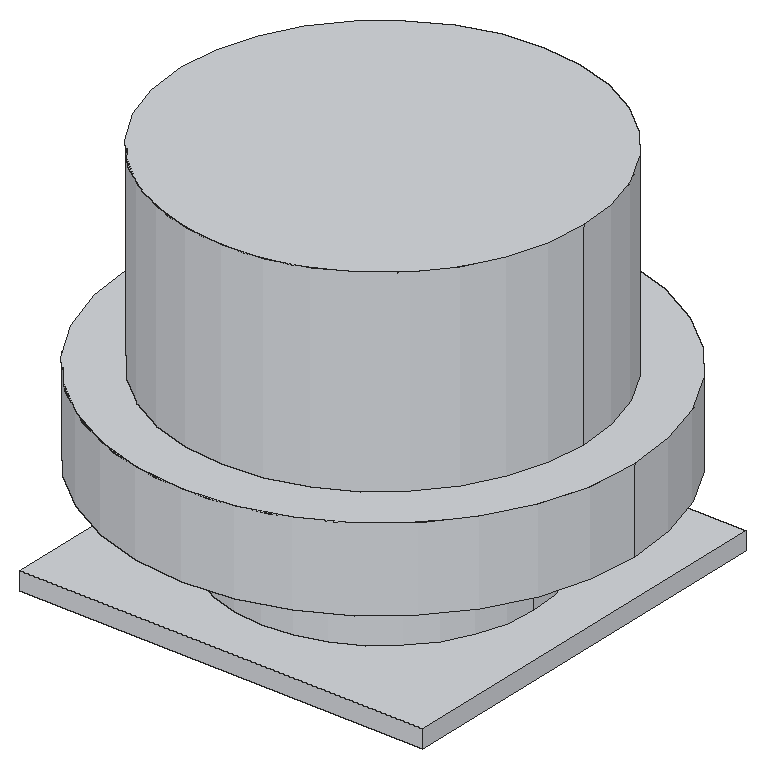
Revit family
Parameters
  Voltage = 0 V
  Power = Voltage * Current  # 0 VA
  Overall Height = 36"
  Number of Poles = 1
  Motor Cover Radius = Fan Shroud Radius * 0.8  # 20"
  Motor Cover Height = Overall Height - Lower Wind Band Height - Fan Shroud Height  # 19 1/2"
  Lower Wind Band Radius = Fan Shroud Radius * 0.6  # 15"
  Lower Wind Band Height = 8 1/4"
  Fan Shroud Radius = 25"
  Fan Shroud Height = Lower Wind Band Height  # 8 1/4"
  Current = 0 A
  Curb Cap Width = 40"
  Curb Cap Height = 1 3/4"
Reference planes (in)
  plane 1 "Center (Front/Back)": y = 0
  plane 2: z = 0
  plane 3 "Center (Left/Right)": x = 0
Forms (in)
  Extrusion 1, solid
    sketch origin (0, 0, 0) x (1, 0, 0) y (0, 1, 0)
      loop
        line (-20, 20) -> (-20, -20) -> (20, -20) -> (20, 20) -> (-20, 20)
    from 0 to 1.75 <- "Curb Cap Height"
  Extrusion 2, solid
    sketch origin (0, 0, 1.75) x (1, 0, 0) y (0, 1, 0)
      loop
        circle (0, 0) r 15
    from 0 to 8.25 <- "Lower Wind Band Height"
  Extrusion 3, solid
    sketch origin (0, 0, 10) x (1, 0, 0) y (0, 1, 0)
      loop
        circle (0, 0) r 25
    from 0 to 8.25 <- "Fan Shroud Height"
  Extrusion 4, solid
    sketch origin (0, 0, 18.25) x (1, 0, 0) y (0, 1, 0)
      loop
        circle (0, 0) r 20
    from 0 to 19.5 <- "Motor Cover Height"
Dimensions and locks (in)
  "Curb Cap Width": Extrusion 1 sketch curve to Extrusion 1 sketch curve  (x2)
  equal spacing: Extrusion 1 sketch curve, plane 3 "Center (Left/Right)", Extrusion 1 sketch curve
  equal spacing: Extrusion 1 sketch curve, plane 1 "Center (Front/Back)", Extrusion 1 sketch curve
  "Lower Wind Band Radius": radius of Extrusion 2 sketch curve
  "Fan Shroud Radius": radius of Extrusion 3 sketch curve
  "Motor Cover Radius": radius of Extrusion 4 sketch curve
  aligned and locked: plane 1 "Center (Front/Back)" to Extrusion 2 sketch curve
  aligned and locked: plane 3 "Center (Left/Right)" to Extrusion 2 sketch curve
  aligned and locked: plane 3 "Center (Left/Right)" to Extrusion 3 sketch curve
  aligned and locked: plane 1 "Center (Front/Back)" to Extrusion 3 sketch curve
  aligned and locked: plane 3 "Center (Left/Right)" to Extrusion 4 sketch curve
  aligned and locked: plane 1 "Center (Front/Back)" to Extrusion 4 sketch curve
Connectors (in)
  electrical at (20, 0, 0.875), driven by "Number of Poles", driven by "Voltage", driven by "Power"
    settings: on Extrusion 1, index 1
